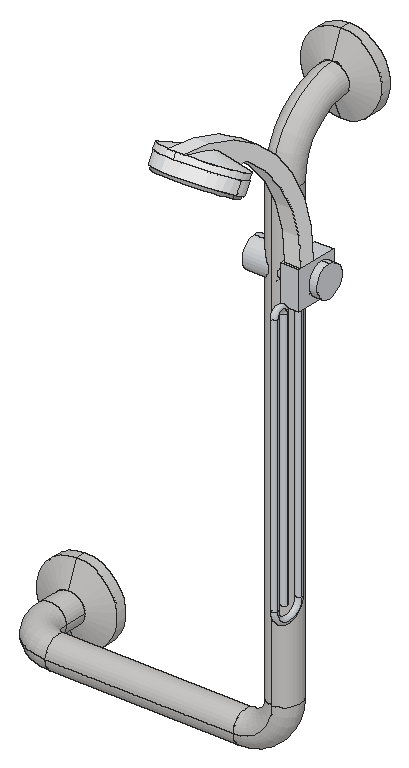
Revit family
Parameters
  Weight Limit = 0
  Warranty Duration (Years) = 0
  Unit Weight = 0
  Unit Length = 0' - 10 5/8"
  Unit Height = 1' - 10 13/16"
  URL = "http://www.pontegiulio.com"
  Trim Radius = 0' - 1 5/8"
  Specification = "http://www.arcat.com/sd/clients/pontegiu.html?coid=43483"
  Send Message = "http://www.arcat.com/users.pl?action=UserEmail&company=Ponte%20Giulio&coid=43483&rep=132&fax=877-766-8306&mf="
  Sales Information = "http://www.pontegiulio.it/us/info.php"
  Revision = "R1_01-2010"
  Return Radius = 0' - 1 9/16"
  Product Properties = "http://www.pgdb.it/schede/us/G29JBxN119_us.pdf"
  Product Data = "http://www.arcat.com/arcatcos/cos43/arc43483.html"
  Offset Support_Vertical = 1' - 5 5/16"
  Model = "Grab Bar as Specified in 10 28 13"
  Manufacturer's Notes = ""
  Manufacturer Website = "http://www.pontegiulio.com"
  Manufacturer Phone - Toll Free = "877-766-8301 "
  Manufacturer Fax = "877-766-8306"
  Manufacturer Address = "W241 S4021 Rockwood Circle, Waukesha, WI 53189"
  Manufacturer = "Ponte Giulio"
  Maintenance Schedule (Months) = 0
  Keynote = "10 28 13"
  Installation-Fabrication = ""
  Installation Phase = ""
  Green Building-LEED = "http://www.arcat.com/green/clients/leed_data_43483.html"
  Expected Lifespan (Years) = 0
  Drawn By = "Robert S. Weygant, CSI, CDT, SCIP"
  Diameter = 0' - 1 1/4"
  Description = "Grab Bar as Specified in 10 28 13"
  Default Elevation = 4' - 0"
  Copyright = "2010 ARCAT, Inc"
  Construction Details = ""
  Clear Space From Wall = 0' - 2 5/8"
  Building Codes = ""
  Bath Fixture Material [instance] = Colour - N1 - Stainless Steel
  Assembly Code = "C1030200"
  AK_Include Optional Component - Y91JOSN108 Shower Head [instance] = yes
  AK_Include Optional Component - Y91JOSN107 Flex Hose [instance] = yes
  AK_Hand Shower Holder Finish [instance] = none
  AK_Flex Hose Finish [instance] = none
  AK_Extra Support for G29JBxN120 = no
  AK_Code Compliance = "UNI"
Reference planes (in)
  plane 1 "Center (Front/Back)": y = 0
  plane 2: z = 0
  plane 3 "Center (Left/Right)": x = 0
  plane 4 "CL 2": z = 11.29418
  plane 5 "Vertical Spacing": z = 34.10668
  plane 6 "Horizontal Spacing": x = -10.625
  plane 7: y = -2.625
  plane 8: y = -3.25
  plane 9: z = 29.10668
  plane 10: z = 27.85668
Forms (in)
  Revolve 1, solid, material "Colour - N1 - Stainless Steel" <- "Bath Fixture Material"
    sketch origin (-10.625, 0, 11.29418) x (0, 0, 1) y (0, 1, 0)
      loop
        line (0, 0) -> (0, -0.8125) -> (0.625, -0.8125) -> (1.625, -0.40625) -> (1.625, 0) -> (0, 0)
      axis (0, -0.8125) -> (0, 0)
    angle from 0 to 360
  Revolve 2, solid, material "Colour - N1 - Stainless Steel" <- "Bath Fixture Material"
    sketch origin (0, 0, 35.29418) x (0, 0, 1) y (0, 1, 0)
      loop
        line (-1.1875, 0) -> (-1.1875, -0.8125) -> (-0.5625, -0.8125) -> (0.4375, -0.40625) -> (0.4375, 0) -> (-1.1875, 0)
      axis (-1.1875, -0.8125) -> (-1.1875, 0)
    angle from 0 to 360
  Sweep 3, solid, material "Colour - N1 - Stainless Steel" <- "Bath Fixture Material"
    path in 3D
      loop
        line (0, 0, 34.10668) -> (0, -0.65625, 34.10668)
        arc (0, -0.65625, 34.10668) -> (0, -2.49031, 33.34699) -> (0, -3.25, 31.51293) r 2.59375
        line (0, -3.25, 31.51293) -> (0, -3.25, 12.85668)
        arc (0, -3.25, 12.85668) -> (-0.45765, -3.25, 11.75183) -> (-1.5625, -3.25, 11.29418) r 1.5625
        line (-1.5625, -3.25, 11.29418) -> (-9.125, -3.25, 11.29418)
        arc (-9.125, -3.25, 11.29418) -> (-10.18566, -2.81066, 11.29418) -> (-10.625, -1.75, 11.29418) r 1.5
        line (-10.625, -1.75, 11.29418) -> (-10.625, 0, 11.29418)
    profile origin (-10.625, -0.875, 11.29418) x (-1, 0, 0) y (0, 0, 1)
      loop
        circle (0, 0) r 0.625
  Revolve 4, solid, material "Colour - N1 - Stainless Steel" <- "Bath Fixture Material", visible <- "AK_Extra Support for G29JBxN120"
    sketch origin (0, 0, 17.98168) x (0, 0, 1) y (0, 1, 0)
      loop
        line (-0.8125, 0) -> (-0.8125, -0.8125) -> (-0.1875, -0.8125) -> (0.8125, -0.40625) -> (0.8125, 0) -> (-0.8125, 0)
      axis (-0.8125, -0.8125) -> (-0.8125, 0)
    angle from 0 to 360
  Extrusion 5, solid, material "Colour - N1 - Stainless Steel" <- "Bath Fixture Material", visible <- "AK_Extra Support for G29JBxN120"
    sketch origin (0, 0, 0) x (1, 0, 0) y (0, 0, 1)
      loop
        circle (0, 17.16918) r 0.625
    from 0 to 3.25
Lines and regions (in)
  model lines
    curve 1: arc (0, -0.65625, 34.10668) -> (0, -2.49031, 33.34699) -> (0, -3.25, 31.51293) r 2.59375
    curve 2: line (0, 0, 34.10668) -> (0, -0.65625, 34.10668)
    curve 3: line (0, -3.25, 31.51293) -> (0, -3.25, 12.85668)
    curve 4: line (-1.5625, -3.25, 11.29418) -> (-9.0625, -3.25, 11.29418)
    curve 5: arc (-1.5625, -3.25, 11.29418) -> (-0.45765, -3.25, 11.75183) -> (0, -3.25, 12.85668) r 1.5625
    curve 6: line (-10.625, -1.75, 11.29418) -> (-10.625, 0, 11.29418)
    curve 7: arc (-10.625, -1.75, 11.29418) -> (-10.18566, -2.81066, 11.29418) -> (-9.125, -3.25, 11.29418) r 1.5
  sketch lines
    curve 8: line (-10.625, -1.75, 11.29418) -> (-10.625, 0, 11.29418)
    curve 9: arc (-10.625, -1.75, 11.29418) -> (-10.18566, -2.81066, 11.29418) -> (-9.125, -3.25, 11.29418) r 1.5
    curve 10: line (-1.5625, -3.25, 11.29418) -> (-9.125, -3.25, 11.29418)
    curve 11: arc (-1.5625, -3.25, 11.29418) -> (-0.45765, -3.25, 11.75183) -> (0, -3.25, 12.85668) r 1.5625
    curve 12: line (0, -3.25, 31.51293) -> (0, -3.25, 12.85668)
    curve 13: arc (0, -0.65625, 34.10668) -> (0, -2.49031, 33.34699) -> (0, -3.25, 31.51293) r 2.59375
    curve 14: line (0, 0, 34.10668) -> (0, -0.65625, 34.10668)
Dimensions and locks (in)
  Revolve 1 sketch curve to Revolve 1 sketch curve = 0' - 0 13/16"
  "Unit Length": plane 3 "Center (Left/Right)" to plane 6 "Horizontal Spacing"
  "Unit Height": plane 5 "Vertical Spacing" to plane 4 "CL 2"
  Revolve 2 sketch curve to Revolve 2 sketch curve = 0' - 0 13/16"
  locked: plane 9 to plane 10 at 1.25
  locked: Revolve 4 sketch curve to Revolve 4 sketch curve at 0.8125
  locked: plane 7 to plane 8 at 0.625
  "Clear Space From Wall": plane 1 "Center (Front/Back)" to plane 7
  locked: plane 5 "Vertical Spacing" to plane 9 at 5
  aligned and locked: plane 1 "Center (Front/Back)" to Revolve 1 sketch curve
  aligned and locked: Revolve 1 sketch curve to Revolve 1 sketch curve
  aligned and locked: Revolve 1 sketch curve to plane 4 "CL 2"
  aligned and locked: plane 6 "Horizontal Spacing" to Revolve 1
  aligned and locked: Revolve 2 sketch curve to Revolve 2 sketch curve
  aligned and locked: plane 1 "Center (Front/Back)" to Revolve 2 sketch curve
  aligned and locked: plane 5 "Vertical Spacing" to Revolve 2 sketch curve
  aligned and locked: profile plane to Sweep 3 sketch curve
  aligned and locked: Revolve 4 sketch curve to Revolve 4 sketch curve
  aligned and locked: plane 1 "Center (Front/Back)" to Revolve 4 sketch curve
  aligned and locked: Extrusion 5 to plane 8
  aligned and locked: plane 9 to nested 1
Automatic sketch dimensions
  curve 3 to plane 8 = 0' - 0"
  curve 2 to plane 5 "Vertical Spacing" = 0' - 0"
  curve 2 to plane 1 "Center (Front/Back)" = 0' - 0"
  plane 1 "Center (Front/Back)" to curve 2 = 0' - 0 21/32"
  plane 4 "CL 2" to curve 3 = 0' - 1 9/16"
  curve 4 to plane 4 "CL 2" = 0' - 0"
  curve 5 to plane 3 "Center (Left/Right)" = 0' - 0"
  plane 4 "CL 2" to curve 5 = 0' - 1 9/16"
  curve 4 to plane 6 "Horizontal Spacing" = 0' - 1 9/16"
  curve 7 to plane 8 = 0' - 0"
  curve 7 to plane 6 "Horizontal Spacing" = 0' - 0"
  curve 6 to plane 1 "Center (Front/Back)" = 0' - 0"
  curve 7 to plane 6 "Horizontal Spacing" = 0' - 1 1/2"
  Sweep 3 sketch curve to Sweep 3 sketch curve = 0' - 0"
  Sweep 3 sketch curve to profile plane = 0' - 0"
  profile plane to Sweep 3 sketch curve = 0' - 0 5/8"
  Extrusion 5 sketch curve to plane 3 "Center (Left/Right)" = 0' - 0"
  plane 1 "Center (Front/Back)" to Revolve 4 sketch curve = 0' - 0 13/32"
  Revolve 4 sketch curve to Revolve 4 sketch curve = 0' - 1"
  Revolve 4 sketch curve to Revolve 4 sketch curve = 2' - 0"
  Revolve 2 sketch curve to plane 5 "Vertical Spacing" = 0' - 0 5/8"
  plane 1 "Center (Front/Back)" to Revolve 2 sketch curve = 0' - 0 13/32"
  Revolve 2 sketch curve to Revolve 2 sketch curve = 0' - 1"
  Revolve 2 sketch curve to Revolve 2 sketch curve = 2' - 0"
  Revolve 1 sketch curve to Revolve 1 sketch curve = 0' - 0 5/8"
  plane 1 "Center (Front/Back)" to Revolve 1 sketch curve = 0' - 0 13/32"
  Revolve 1 sketch curve to Revolve 1 sketch curve = 0' - 1"
  Revolve 1 sketch curve to plane 1 "Center (Front/Back)" = 2' - 0"
  Revolve 1 sketch curve to plane 8 = 8' - 4.50007"
  Revolve 2 sketch curve to plane 8 = 8' - 4.50007"
  Revolve 4 sketch curve to plane 8 = 8' - 4.50007"
  plane 4 "CL 2" to Revolve 4 sketch curve = 0' - 5 7/8"
  Revolve 4 sketch curve to Revolve 4 sketch curve = 0' - 0 5/8"
  plane 4 "CL 2" to Extrusion 5 sketch curve = 0' - 5 7/8"
  radius of Extrusion 5 sketch curve = 0' - 0 5/8"
Nested families (in)
  nested 1: "Y91JOS.N1.08" at (-1.21875, -3.3125, 27.73168), type "Y91JOS.N1.08"
Definition of nested family "Y91JOS.N1.08"
  Parameters
    AK_Include Optional Component - Y91JOSN108 Shower Head = yes
    AK_Include Optional Component - Y91JOSN107 Flex Hose = yes
    AK_Hand Shower Holder Finish = none
    AK_Flex Hose Finish = none
  Reference planes (in)
    plane 1 "Center (Front/Back)": y = 0
    plane 2: z = 0
    plane 3 "Center (Left/Right)": x = 0
    plane 4: z = 1.375
  Forms (in)
    Extrusion 1, solid, material <- "AK_Hand Shower Holder Finish"
      sketch origin (1.25, 2.20531, -59.32175) x (0, 1, 0) y (0, 0, 1)
        loop
          circle (-2.12384, 60.07175) r 0.625
      from -1.25 to 1.75
    Extrusion 2, solid, material <- "AK_Hand Shower Holder Finish"
      sketch origin (1.25103, 2.20531, 0) x (1, 0, 0) y (0, 1, 0)
        loop
          line (0.65625, -3.21875) -> (1.40625, -3.21875) -> (1.40625, -1.46875) -> (0.65625, -1.46875) -> (0.65625, -3.21875)
      from 0 to 1.5
    Extrusion 3, solid, material "Default", visible <- "AK_Include Optional Component - Y91JOSN108 Shower Head"
      sketch origin (-2.875, 49.72076, -25.30967) x (1, 0, 0) y (0, -0.866025, 0.5)
        loop
          circle (5.21142, 64.05902) r 1.5
      from 0 to 0.125
    Extrusion 4, solid, material "Chrome", visible <- "AK_Include Optional Component - Y91JOSN108 Shower Head"
      sketch origin (2, 3.95755, -59.32175) x (0, 1, 0) y (0, 0, 1)
        loop
          arc (-4.21875, 60.82175) -> (-6.11271, 65.47709) -> (-10.71875, 67.48799) r 6.66836
          line (-10.71875, 67.48799) -> (-7.95829, 65.89424) -> (-7.60198, 65.89424)
          arc (-7.60198, 65.89424) -> (-5.5779, 63.7087) -> (-4.84375, 60.82175) r 6.04336
          line (-4.84375, 60.82175) -> (-4.21875, 60.82175)
      from 0 to 0.625
    Extrusion 5, solid, material "Chrome", visible <- "AK_Include Optional Component - Y91JOSN108 Shower Head"
      sketch origin (-2.875, 49.97076, -24.87665) x (1, 0, 0) y (0, -0.866025, 0.5)
        loop
          circle (5.21142, 64.05902) r 1.59375
      from 0 to 0.5
    Revolve 6, solid, material "Chrome", visible <- "AK_Include Optional Component - Y91JOSN108 Shower Head"
      sketch origin (2.3125, 3.83255, -59.53826) x (0, 1, 0) y (0, 0, 1)
        loop
          line (-9.33852, 66.69111) -> (-7.95829, 65.89424) -> (-7.83329, 66.11075) -> (-8.81309, 67.10118) -> (-9.0296, 67.22618) -> (-9.33852, 66.69111)
        axis (-9.33852, 66.69111) -> (-9.0296, 67.22618)
      angle from 0 to 360
    Sweep 7, solid, material <- "AK_Flex Hose Finish", visible <- "AK_Include Optional Component - Y91JOSN107 Flex Hose"
      path origin (2.3125, 2.20531, -59.32175) x (0, 1, 0) y (0, 0, 1)
        loop
          line (-2.77902, 60.82175) -> (-2.77902, 48.82175)
          arc (-2.77902, 48.82175) -> (-3.40402, 48.19675) -> (-4.02902, 48.82175) r 0.625
          line (-4.02902, 48.82175) -> (-4.02902, 59.32175)
          arc (-4.02902, 59.32175) -> (-3.77902, 59.57175) -> (-3.52902, 59.32175) r 0.25
          line (-3.52902, 59.32175) -> (-3.52902, 48.82175)
      profile origin (2.3125, -0.5737, -4.5) x (1, 0, 0) y (0, 1, 0)
        loop
          circle (0, -0.00223) r 0.125
